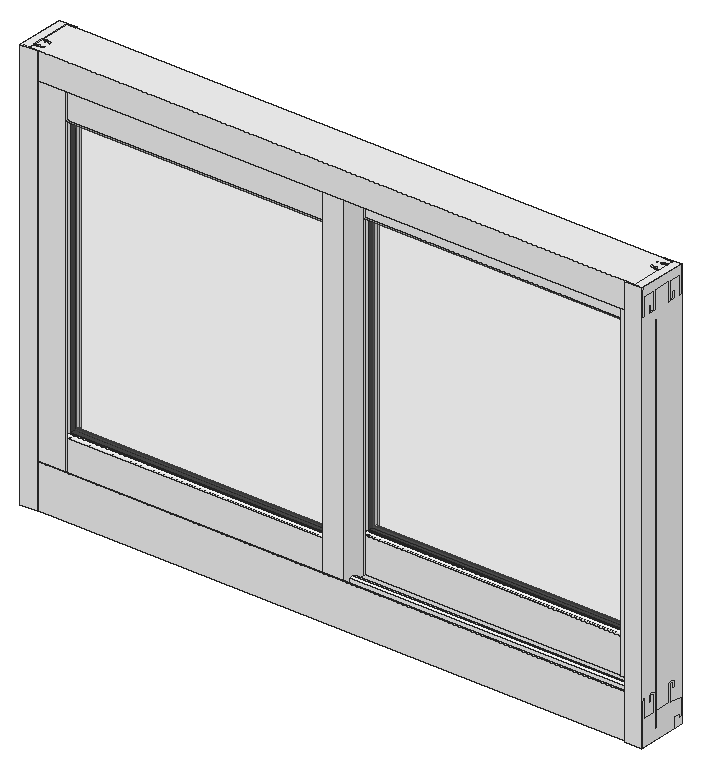
Revit family
Parameters (values of type "EHSW0906 XX")
  Height = 590 mm
  Head Height = 2125 mm
  Default Sill Height = Head Height - Height  # 1535 mm
  Wall Closure = (empty or 0)
  Width = 890 mm
Types (23, lengths in mm): name | Height | Default Sill Height | Width
  (no name) | 590 | 1535 | 890
  EHSW0906 XX | 590 | 1535 | 890
  EHSW1206 XX | 590 | 1535 | 1190
  EHSW1506 XX | 590 | 1535 | 1490
  EHSW1806 XX | 590 | 1535 | 1790
  EHSW2106 XX | 590 | 1535 | 2090
  EHSW2406 XX | 590 | 1535 | 2390
  EHSW2409 XX | 890 | 1235 | 2390
  EHSW2109 XX | 890 | 1235 | 2090
  EHSW1809 XX | 890 | 1235 | 1790
  EHSW1509 XX | 890 | 1235 | 1490
  EHSW1209 XX | 890 | 1235 | 1190
  EHSW0909 XX | 890 | 1235 | 890
  EHSW1212 XX | 1190 | 935 | 1190
  EHSW1512 XX | 1190 | 935 | 1490
  EHSW1812 XX | 1190 | 935 | 1790
  EHSW2112 XX | 1190 | 935 | 2090
  EHSW2412 XX | 1190 | 935 | 2390
  EHSW2415 XX | 1490 | 635 | 2390
  EHSW2115 XX | 1490 | 635 | 2090
  EHSW1815 XX | 1490 | 635 | 1790
  EHSW1515 XX | 1490 | 635 | 1490
  EHSW1215 XX | 1490 | 635 | 1190
Reference planes
  plane 1 "Center (Front/Back)": y = 0
  plane 2 "Center (Left/Right)": x = 0
  plane 3 "Left": x = -445
  plane 4 "Right": x = 445
  plane 5 "Sill": z = 1535
  plane 6 "Head": z = 2125
  plane 7 "Exterior": y = 115
  plane 8 "Interior": y = -115
  plane 9: y = -30.5
  plane 10: x = -150
  plane 11: z = 1830
Forms (mm)
  Sweep 1, solid, material "Default Frame"
    path origin (0, 100, 0) x (1, 0, 0) y (0, 0, 1)
      loop
        line (445, 2125) -> (-445, 2125)
    profile origin (0, 100, 2125) x (0, 0, -1) y (0, -1, 0)
      loop
        line (0, 133.5) -> (0, 66.5) -> (38, 66.5) -> (38, 68) -> (11.9, 68) -> (11.9, 85.6) -> (36.6, 85.6) -> (36.6, 79.4) -> (29, 79.4) -> (29, 78) -> (38, 78) -> (38, 87) -> (11.9, 87) -> (11.9, 113) -> (38, 113) -> (38, 122) -> (29, 122) -> (29, 120.6) -> (36.6, 120.6) -> (36.6, 114.4) -> (11.9, 114.4) -> (11.9, 132) -> (38, 132) -> (38, 133.5) -> (0, 133.5)
  Extrusion 2, solid, material "Glass"
    sketch origin (-38.22, 19, 49.421) x (-1, 0, 0) y (0, 0, -1)
      loop
        line (-45.669, -2001.17) -> (-45.669, -1585.988) -> (-429.311, -1585.988) -> (-429.311, -2001.17) -> (-45.669, -2001.17)
    from 0 to 3
  Sweep 3, solid, material "Rubber seal"
    path origin (67.649, -80.5, 5.869) x (-1, 0, 0) y (0, 0, 1)
      loop
        line (128.409, 2112.931) -> (-391.651, 2112.931) -> (-391.651, 1561.331) -> (128.409, 1561.331) -> (128.409, 2112.931)
    profile origin (199.27, -80.5, 2118.8) x (0, 0, -1) y (0, 1, 0)
      loop
        line (75.293, 102.922) -> (68.209, 102.922) -> (68.209, 99.5) -> (78.715, 99.5) -> (75.293, 102.922)
      loop
        line (78.715, 96.5) -> (68.209, 96.5) -> (68.209, 92.922) -> (76.245, 92.922) -> (78.715, 96.5)
  Sweep 4, solid, material "Default Frame"
    path origin (0, 100, 0) x (1, 0, 0) y (0, 0, 1)
      loop
        line (-445, 1535) -> (-445, 2125)
    profile origin (-445, 100, 1830) x (-1, 0, 0) y (0, -1, 0)
      loop
        line (0, 64.85) -> (0, 135.15) -> (-24.5, 135.15) -> (-24.5, 133.65) -> (-11.5, 133.65) -> (-11.5, 126) -> (-17, 126) -> (-24.5, 123.5) -> (-24.5, 122.182) -> (-18.2, 124.282) -> (-18.2, 122.25) -> (-16.936, 122.25)
        arc (-16.936, 122.25) -> (-16.581, 123.975) -> (-15, 124.75) r 2
        line (-15, 124.75) -> (-11.5, 124.75) -> (-11.5, 110.25) -> (-15, 110.25)
        arc (-15, 110.25) -> (-16.581, 111.025) -> (-16.936, 112.75) r 2
        line (-16.936, 112.75) -> (-18.2, 112.75) -> (-18.2, 110.718) -> (-24.5, 112.818) -> (-24.5, 111.5) -> (-17, 109) -> (-11.5, 109) -> (-11.5, 66.35) -> (-24.5, 66.35) -> (-24.5, 64.85) -> (0, 64.85)
  Sweep 5, solid, material "Default Frame"
    path origin (0, -100, 0) x (-1, 0, 0) y (0, 0, 1)
      loop
        line (-445, 1535) -> (-445, 2125)
    profile origin (445, -100, 1830) x (1, 0, 0) y (0, 1, 0)
      loop
        line (0, 64.85) -> (0, 135.15) -> (-24.5, 135.15) -> (-24.5, 133.65) -> (-11.5, 133.65) -> (-11.5, 126) -> (-17, 126) -> (-24.5, 123.5) -> (-24.5, 122.182) -> (-18.2, 124.282) -> (-18.2, 122.25) -> (-16.936, 122.25)
        arc (-16.936, 122.25) -> (-16.581, 123.975) -> (-15, 124.75) r 2
        line (-15, 124.75) -> (-11.5, 124.75) -> (-11.5, 110.25) -> (-15, 110.25)
        arc (-15, 110.25) -> (-16.581, 111.025) -> (-16.936, 112.75) r 2
        line (-16.936, 112.75) -> (-18.2, 112.75) -> (-18.2, 110.718) -> (-24.5, 112.818) -> (-24.5, 111.5) -> (-17, 109) -> (-11.5, 109) -> (-11.5, 66.35) -> (-24.5, 66.35) -> (-24.5, 64.85) -> (0, 64.85)
  Sweep 6, solid, material "Default Frame"
    path origin (0, 100, 0) x (1, 0, 0) y (0, 0, 1)
      loop
        line (445, 1535) -> (-445, 1535)
    profile origin (0, 100, 1535) x (0, 0, -1) y (0, -1, 0)
      loop
        line (-61.796, 113) -> (-37, 113) -> (-37, 87) -> (-61.794, 87) -> (-62.979, 82.578) -> (-61.796, 78) -> (-54, 78) -> (-54, 79.4) -> (-60.72, 79.4) -> (-61.53, 82.422) -> (-60.723, 85.6) -> (-37, 85.6) -> (-37, 80.77) -> (-35, 66.5) -> (-11.5, 66.5) -> (-11.5, 67.9) -> (-15, 67.9) -> (-15, 78.5) -> (0, 78.5) -> (0, 133.5) -> (-63, 133.5) -> (-63, 132.1) -> (-37, 132.1) -> (-37, 114.4) -> (-60.72, 114.4) -> (-61.53, 117.422) -> (-60.723, 120.6) -> (-54, 120.6) -> (-54, 122) -> (-61.794, 122) -> (-62.979, 117.578) -> (-61.796, 113)
  Sweep 7, solid, material "Default Frame"
    path origin (0, 100, 395) x (1, 0, 0) y (0, 0, 1)
      loop
        line (384.5, 1535) -> (14, 1535)
    profile origin (199.25, 100, 1930) x (0, 0, -1) y (0, -1, 0)
      loop
        line (-167, 93.928) -> (-167, 89.678) -> (-157, 89.678) -> (-157, 92.478) -> (-127.5, 92.478) -> (-127.5, 72.678) -> (-157, 72.678) -> (-157, 75.478) -> (-167, 75.478) -> (-167, 71.228) -> (-117, 71.228)
        arc (-117, 71.228) -> (-114.172, 72.399) -> (-113, 75.228) r 4
        line (-113, 75.228) -> (-113, 77.578) -> (-118.866, 77.578)
        arc (-118.866, 77.578) -> (-118.866, 76.578) -> (-118, 76.078) r 1
        line (-118, 76.078) -> (-114.596, 76.078)
        arc (-114.596, 76.078) -> (-114.918, 73.755) -> (-117, 72.678) r 2.55
        line (-117, 72.678) -> (-126.05, 72.678) -> (-126.05, 92.478) -> (-117, 92.478)
        arc (-117, 92.478) -> (-114.918, 91.4) -> (-114.596, 89.078) r 2.55
        line (-114.596, 89.078) -> (-118, 89.078)
        arc (-118, 89.078) -> (-118.866, 88.578) -> (-118.866, 87.578) r 1
        line (-118.866, 87.578) -> (-113, 87.578) -> (-113, 89.928)
        arc (-113, 89.928) -> (-114.172, 92.756) -> (-117, 93.928) r 4
        line (-117, 93.928) -> (-167, 93.928)
  Sweep 8, solid, material "Default Frame"
    path origin (-85, -100, 0) x (-1, 0, 0) y (0, 0, 1)
      loop
        line (-445, 1589) -> (-445, 2097)
    profile origin (360, -100, 1843) x (1, 0, 0) y (0, 1, 0)
      loop
        line (73.5, 130.5) -> (23.5, 130.5) -> (23.5, 129.2) -> (24.5, 129.2) -> (24.5, 122.5) -> (30.366, 122.5)
        arc (30.366, 122.5) -> (30.366, 123.5) -> (29.5, 124) r 1
        line (29.5, 124) -> (26, 124) -> (26, 129) -> (37.5, 129) -> (37.5, 106) -> (26, 106) -> (26, 111) -> (29.5, 111)
        arc (29.5, 111) -> (30.366, 111.5) -> (30.366, 112.5) r 1
        line (30.366, 112.5) -> (24.5, 112.5) -> (24.5, 105.8) -> (23.5, 105.8) -> (23.5, 104.5) -> (73.5, 104.5) -> (73.5, 108) -> (63.5, 108) -> (63.5, 106) -> (62, 106)
        arc (62, 106) -> (60.939, 106.439) -> (60.5, 107.5) r 1.5
        line (60.5, 107.5) -> (60.5, 127.5)
        arc (60.5, 127.5) -> (60.939, 128.561) -> (62, 129) r 1.5
        line (62, 129) -> (63.5, 129) -> (63.5, 127) -> (73.5, 127) -> (73.5, 130.5)
  Sweep 9, solid, material "Default Frame"
    path origin (633.5, -100, 0) x (1, 0, 0) y (0, 0, -1)
      loop
        line (-595, -1589) -> (-595, -2097)
    profile origin (38.5, -100, 1843) x (1, 0, 0) y (0, 1, 0)
      loop
        line (-53.5, 130.5) -> (-53.5, 98) -> (-35, 98)
        arc (-35, 98) -> (-34.503, 98.443) -> (-34.887, 98.987) r 0.5
        line (-34.887, 98.987) -> (-43.5, 100.99) -> (-43.5, 104.5) -> (-23.5, 104.5) -> (-23.5, 105.8) -> (-24.5, 105.8) -> (-24.5, 112.5) -> (-30.366, 112.5)
        arc (-30.366, 112.5) -> (-30.366, 111.5) -> (-29.5, 111) r 1
        line (-29.5, 111) -> (-26, 111) -> (-26, 106) -> (-37.5, 106) -> (-37.5, 129) -> (-26, 129) -> (-26, 124) -> (-29.5, 124)
        arc (-29.5, 124) -> (-30.366, 123.5) -> (-30.366, 122.5) r 1
        line (-30.366, 122.5) -> (-24.5, 122.5) -> (-24.5, 129.2) -> (-23.5, 129.2) -> (-23.5, 130.5) -> (-53.5, 130.5)
  Extrusion 10, solid, material "Glass"
    sketch origin (38.22, -19, 49.421) x (1, 0, 0) y (0, 0, -1)
      loop
        line (-45.669, -2001.17) -> (-45.669, -1585.988) -> (-429.311, -1585.988) -> (-429.311, -2001.17) -> (-45.669, -2001.17)
    from 0 to 3
  Sweep 11, solid, material "Default Frame"
    path origin (85, 100, 0) x (1, 0, 0) y (0, 0, 1)
      loop
        line (-445, 1589) -> (-445, 2097)
    profile origin (-360, 100, 1843) x (-1, 0, 0) y (0, -1, 0)
      loop
        line (73.5, 130.5) -> (23.5, 130.5) -> (23.5, 129.2) -> (24.5, 129.2) -> (24.5, 122.5) -> (30.366, 122.5)
        arc (30.366, 122.5) -> (30.366, 123.5) -> (29.5, 124) r 1
        line (29.5, 124) -> (26, 124) -> (26, 129) -> (37.5, 129) -> (37.5, 106) -> (26, 106) -> (26, 111) -> (29.5, 111)
        arc (29.5, 111) -> (30.366, 111.5) -> (30.366, 112.5) r 1
        line (30.366, 112.5) -> (24.5, 112.5) -> (24.5, 105.8) -> (23.5, 105.8) -> (23.5, 104.5) -> (73.5, 104.5) -> (73.5, 108) -> (63.5, 108) -> (63.5, 106) -> (62, 106)
        arc (62, 106) -> (60.939, 106.439) -> (60.5, 107.5) r 1.5
        line (60.5, 107.5) -> (60.5, 127.5)
        arc (60.5, 127.5) -> (60.939, 128.561) -> (62, 129) r 1.5
        line (62, 129) -> (63.5, 129) -> (63.5, 127) -> (73.5, 127) -> (73.5, 130.5)
  Sweep 12, solid, material "Default Frame"
    path origin (-633.5, 100, 0) x (-1, 0, 0) y (0, 0, -1)
      loop
        line (-595, -1589) -> (-595, -2097)
    profile origin (-38.5, 100, 1843) x (-1, 0, 0) y (0, -1, 0)
      loop
        line (-53.5, 130.5) -> (-53.5, 98) -> (-35, 98)
        arc (-35, 98) -> (-34.503, 98.443) -> (-34.887, 98.987) r 0.5
        line (-34.887, 98.987) -> (-43.5, 100.99) -> (-43.5, 104.5) -> (-23.5, 104.5) -> (-23.5, 105.8) -> (-24.5, 105.8) -> (-24.5, 112.5) -> (-30.366, 112.5)
        arc (-30.366, 112.5) -> (-30.366, 111.5) -> (-29.5, 111) r 1
        line (-29.5, 111) -> (-26, 111) -> (-26, 106) -> (-37.5, 106) -> (-37.5, 129) -> (-26, 129) -> (-26, 124) -> (-29.5, 124)
        arc (-29.5, 124) -> (-30.366, 123.5) -> (-30.366, 122.5) r 1
        line (-30.366, 122.5) -> (-24.5, 122.5) -> (-24.5, 129.2) -> (-23.5, 129.2) -> (-23.5, 130.5) -> (-53.5, 130.5)
  Sweep 13, solid, material "Default Frame"
    path origin (0, 100, 60) x (1, 0, 0) y (0, 0, 1)
      loop
        line (384.5, 1535) -> (14, 1535)
    profile origin (199.25, 100, 1595) x (0, 0, -1) y (0, -1, 0)
      loop
        arc (-44, 93.928) -> (-46.828, 92.756) -> (-48, 89.928) r 4
        line (-48, 89.928) -> (-48, 87.578) -> (-42.134, 87.578)
        arc (-42.134, 87.578) -> (-42.134, 88.578) -> (-43, 89.078) r 1
        line (-43, 89.078) -> (-46.404, 89.078)
        arc (-46.404, 89.078) -> (-46.082, 91.4) -> (-44, 92.478) r 2.55
        line (-44, 92.478) -> (-34.95, 92.478) -> (-34.95, 72.678) -> (-44, 72.678)
        arc (-44, 72.678) -> (-46.082, 73.755) -> (-46.404, 76.078) r 2.55
        line (-46.404, 76.078) -> (-43, 76.078)
        arc (-43, 76.078) -> (-42.134, 76.578) -> (-42.134, 77.578) r 1
        line (-42.134, 77.578) -> (-48, 77.578) -> (-48, 75.228)
        arc (-48, 75.228) -> (-46.828, 72.399) -> (-44, 71.228) r 4
        line (-44, 71.228) -> (6, 71.228) -> (6, 75.478) -> (-4, 75.478) -> (-4, 72.678) -> (-33.45, 72.678) -> (-33.45, 92.478) -> (-4, 92.478) -> (-4, 89.678) -> (6, 89.678) -> (6, 93.928) -> (-44, 93.928)
  Sweep 14, solid, material "Default Frame"
    path origin (0, -100, 60) x (-1, 0, 0) y (0, 0, 1)
      loop
        line (384.5, 1535) -> (14, 1535)
    profile origin (-199.25, -100, 1595) x (0, 0, -1) y (0, 1, 0)
      loop
        arc (-44, 93.928) -> (-46.828, 92.756) -> (-48, 89.928) r 4
        line (-48, 89.928) -> (-48, 87.578) -> (-42.134, 87.578)
        arc (-42.134, 87.578) -> (-42.134, 88.578) -> (-43, 89.078) r 1
        line (-43, 89.078) -> (-46.404, 89.078)
        arc (-46.404, 89.078) -> (-46.082, 91.4) -> (-44, 92.478) r 2.55
        line (-44, 92.478) -> (-34.95, 92.478) -> (-34.95, 72.678) -> (-44, 72.678)
        arc (-44, 72.678) -> (-46.082, 73.755) -> (-46.404, 76.078) r 2.55
        line (-46.404, 76.078) -> (-43, 76.078)
        arc (-43, 76.078) -> (-42.134, 76.578) -> (-42.134, 77.578) r 1
        line (-42.134, 77.578) -> (-48, 77.578) -> (-48, 75.228)
        arc (-48, 75.228) -> (-46.828, 72.399) -> (-44, 71.228) r 4
        line (-44, 71.228) -> (6, 71.228) -> (6, 75.478) -> (-4, 75.478) -> (-4, 72.678) -> (-33.45, 72.678) -> (-33.45, 92.478) -> (-4, 92.478) -> (-4, 89.678) -> (6, 89.678) -> (6, 93.928) -> (-44, 93.928)
  Sweep 15, solid, material "Default Frame"
    path origin (0, -100, 395) x (-1, 0, 0) y (0, 0, 1)
      loop
        line (384.5, 1535) -> (14, 1535)
    profile origin (-199.25, -100, 1930) x (0, 0, -1) y (0, 1, 0)
      loop
        line (-167, 93.928) -> (-167, 89.678) -> (-157, 89.678) -> (-157, 92.478) -> (-127.5, 92.478) -> (-127.5, 72.678) -> (-157, 72.678) -> (-157, 75.478) -> (-167, 75.478) -> (-167, 71.228) -> (-117, 71.228)
        arc (-117, 71.228) -> (-114.172, 72.399) -> (-113, 75.228) r 4
        line (-113, 75.228) -> (-113, 77.578) -> (-118.866, 77.578)
        arc (-118.866, 77.578) -> (-118.866, 76.578) -> (-118, 76.078) r 1
        line (-118, 76.078) -> (-114.596, 76.078)
        arc (-114.596, 76.078) -> (-114.918, 73.755) -> (-117, 72.678) r 2.55
        line (-117, 72.678) -> (-126.05, 72.678) -> (-126.05, 92.478) -> (-117, 92.478)
        arc (-117, 92.478) -> (-114.918, 91.4) -> (-114.596, 89.078) r 2.55
        line (-114.596, 89.078) -> (-118, 89.078)
        arc (-118, 89.078) -> (-118.866, 88.578) -> (-118.866, 87.578) r 1
        line (-118.866, 87.578) -> (-113, 87.578) -> (-113, 89.928)
        arc (-113, 89.928) -> (-114.172, 92.756) -> (-117, 93.928) r 4
        line (-117, 93.928) -> (-167, 93.928)
  Sweep 16, solid, material "Rubber seal"
    path origin (-67.649, 80.5, 5.869) x (1, 0, 0) y (0, 0, 1)
      loop
        line (128.409, 2112.931) -> (-391.651, 2112.931) -> (-391.651, 1561.331) -> (128.409, 1561.331) -> (128.409, 2112.931)
    profile origin (-199.27, 80.5, 2118.8) x (0, 0, -1) y (0, -1, 0)
      loop
        line (75.293, 102.922) -> (68.209, 102.922) -> (68.209, 99.5) -> (78.715, 99.5) -> (75.293, 102.922)
      loop
        line (78.715, 96.5) -> (68.209, 96.5) -> (68.209, 92.922) -> (76.245, 92.922) -> (78.715, 96.5)
Lines and regions (mm)
  Opening 1
    outline origin (3500, -115, 0) x (1, 0, 0) y (0, 0, 1)
      loop
        line (-3055, 1535) -> (-3055, 2125) -> (-3945, 2125) -> (-3945, 1535) -> (-3055, 1535)
Text (mm)
  text "EXTERIOR" at (-1963.203, 1332.353, 0), in view "Ref. Level"
  text "INTERIOR" at (-1981.466, -818.386, 0), in view "Ref. Level"
  text "Exterior" at (0, 923.751, 2943.296), in view "Right"
  text "Exterior" at (0, 1040.484, 2685.409), in view "Left"
Dimensions and locks
  equal spacing: plane 3 "Left", plane 2 "Center (Left/Right)", plane 4 "Right"
  "Width": plane 3 "Left" to plane 4 "Right"
  "Height": plane 5 "Sill" to plane 6 "Head"
  "Default Sill Height": plane 5 "Sill" to level
  locked: plane 7 "Exterior" to host wall at 0
  locked: plane 8 "Interior" to host wall
  locked: plane 10 to plane 4 "Right" at 595
  locked: Sweep 7 to Sweep 3 sketch curve at 75.8
  locked: Sweep 8 to Sweep 3 sketch curve at 75.8
  locked: Sweep 9 to Sweep 3 sketch curve at 75.76
  equal spacing: plane 3 "Left", nested 1, plane 2 "Center (Left/Right)"
  equal spacing: plane 2 "Center (Left/Right)", nested 2, plane 4 "Right"
  equal spacing: plane 5 "Sill", plane 11, plane 6 "Head"
  equal spacing: plane 2 "Center (Left/Right)", nested 3, plane 4 "Right"
  equal spacing: plane 3 "Left", nested 4, plane 2 "Center (Left/Right)"
  aligned and locked: plane 11 to nested 3
  aligned and locked: nested 4 to plane 11
Automatic sketch dimensions
  Opening 1 sketch curve to plane 3 "Left" = 0 mm
  Opening 1 sketch curve to plane 4 "Right" = 0 mm
  Opening 1 sketch curve to plane 5 "Sill" = 0 mm
  Opening 1 sketch curve to plane 6 "Head" = 0 mm
  Sweep 1 sketch curve to plane 3 "Left" = 0 mm
  Sweep 1 sketch curve to plane 4 "Right" = 0 mm
  Sweep 1 sketch curve to plane 6 "Head" = 0 mm
  Sweep 1 sketch curve to profile plane = 0 mm
  Sweep 1 sketch curve to profile plane = 11.9 mm  (x2)
  Sweep 1 sketch curve to Sweep 1 sketch curve = 0 mm  (x3)
  Sweep 1 sketch curve to Sweep 1 sketch curve = 17.1 mm  (x2)
  Sweep 1 sketch curve to Sweep 1 sketch curve = 7.6 mm  (x2)
  Sweep 1 sketch curve to Sweep 1 sketch curve = 1.4 mm  (x6)
  profile plane to Sweep 1 sketch curve = 66.5 mm
  Sweep 1 sketch curve to Sweep 1 sketch curve = 1.5 mm  (x2)
  Sweep 1 sketch curve to Sweep 1 sketch curve = 10 mm  (x2)
  Sweep 1 sketch curve to Sweep 1 sketch curve = 6.2 mm  (x2)
  Sweep 1 sketch curve to Sweep 1 sketch curve = 26 mm
  plane 4 "Right" to Extrusion 2 sketch curve = 53.909 mm
  Extrusion 2 sketch curve to plane 2 "Center (Left/Right)" = 7.448 mm
  plane 6 "Head" to Extrusion 2 sketch curve = 74.409 mm
  Extrusion 2 sketch curve to plane 5 "Sill" = 100.409 mm
  Sweep 3 sketch curve to plane 5 "Sill" = 32.2 mm
  Sweep 3 sketch curve to profile plane = 68.209 mm
  Sweep 3 sketch curve to Sweep 3 sketch curve = 0 mm  (x2)
  Sweep 3 sketch curve to Sweep 3 sketch curve = 7.084 mm
  Sweep 3 sketch curve to Sweep 3 sketch curve = 8.036 mm
  Sweep 3 sketch curve to Sweep 3 sketch curve = 3.422 mm  (x2)
  profile plane to Sweep 3 sketch curve = 92.922 mm
  Sweep 3 sketch curve to Sweep 3 sketch curve = 3.578 mm
  Sweep 3 sketch curve to Sweep 3 sketch curve = 3 mm
  Sweep 4 sketch curve to plane 3 "Left" = 0 mm
  Sweep 4 sketch curve to plane 5 "Sill" = 0 mm
  Sweep 4 sketch curve to plane 6 "Head" = 0 mm
  Sweep 4 sketch curve to profile plane = 0 mm
  profile plane to Sweep 4 sketch curve = 11.5 mm  (x2)
  Sweep 4 sketch curve to Sweep 4 sketch curve = 0 mm  (x2)
  Sweep 4 sketch curve to Sweep 4 sketch curve = 3.5 mm  (x2)
  Sweep 4 sketch curve to Sweep 4 sketch curve = 1.936 mm  (x2)
  Sweep 4 sketch curve to Sweep 4 sketch curve = 2 mm  (x3)
  Sweep 4 sketch curve to Sweep 4 sketch curve = 1.264 mm
  Sweep 4 sketch curve to Sweep 4 sketch curve = 1.2 mm
  Sweep 4 sketch curve to Sweep 4 sketch curve = 6.3 mm  (x2)
  Sweep 4 sketch curve to Sweep 4 sketch curve = 13 mm
  profile plane to Sweep 4 sketch curve = 64.85 mm
  Sweep 4 sketch curve to Sweep 4 sketch curve = 1.5 mm  (x2)
  Sweep 4 sketch curve to Sweep 4 sketch curve = 42.65 mm
  Sweep 4 sketch curve to Sweep 4 sketch curve = 1.25 mm  (x2)
  Sweep 4 sketch curve to Sweep 4 sketch curve = 1.718 mm
  Sweep 4 sketch curve to Sweep 4 sketch curve = 0.782 mm
  Sweep 4 sketch curve to Sweep 4 sketch curve = 1.318 mm  (x2)
  Sweep 4 sketch curve to Sweep 4 sketch curve = 9.365 mm
  Sweep 4 sketch curve to Sweep 4 sketch curve = 0.068 mm
  Sweep 4 sketch curve to Sweep 4 sketch curve = 0.5 mm
  Sweep 4 sketch curve to Sweep 4 sketch curve = 2.032 mm
  Sweep 4 sketch curve to Sweep 4 sketch curve = 10.15 mm
  Sweep 5 sketch curve to plane 4 "Right" = 0 mm
  Sweep 5 sketch curve to plane 5 "Sill" = 0 mm
  Sweep 5 sketch curve to plane 6 "Head" = 0 mm
  Sweep 5 sketch curve to profile plane = 0 mm
  profile plane to Sweep 5 sketch curve = 11.5 mm  (x2)
  Sweep 5 sketch curve to Sweep 5 sketch curve = 0 mm  (x2)
  Sweep 5 sketch curve to Sweep 5 sketch curve = 3.5 mm  (x2)
  Sweep 5 sketch curve to Sweep 5 sketch curve = 1.936 mm  (x2)
  Sweep 5 sketch curve to Sweep 5 sketch curve = 2 mm  (x3)
  Sweep 5 sketch curve to Sweep 5 sketch curve = 1.264 mm
  Sweep 5 sketch curve to Sweep 5 sketch curve = 1.2 mm
  Sweep 5 sketch curve to Sweep 5 sketch curve = 6.3 mm  (x2)
  Sweep 5 sketch curve to Sweep 5 sketch curve = 13 mm
  profile plane to Sweep 5 sketch curve = 64.85 mm
  Sweep 5 sketch curve to Sweep 5 sketch curve = 1.5 mm  (x2)
  Sweep 5 sketch curve to Sweep 5 sketch curve = 42.65 mm
  Sweep 5 sketch curve to Sweep 5 sketch curve = 1.25 mm  (x2)
  Sweep 5 sketch curve to Sweep 5 sketch curve = 1.718 mm
  Sweep 5 sketch curve to Sweep 5 sketch curve = 0.782 mm
  Sweep 5 sketch curve to Sweep 5 sketch curve = 1.318 mm  (x2)
  Sweep 5 sketch curve to Sweep 5 sketch curve = 9.365 mm
  Sweep 5 sketch curve to Sweep 5 sketch curve = 0.068 mm
  Sweep 5 sketch curve to Sweep 5 sketch curve = 0.5 mm
  Sweep 5 sketch curve to Sweep 5 sketch curve = 2.032 mm
  Sweep 5 sketch curve to Sweep 5 sketch curve = 10.15 mm
  Sweep 6 sketch curve to plane 3 "Left" = 0 mm
  Sweep 6 sketch curve to plane 4 "Right" = 0 mm
  Sweep 6 sketch curve to plane 5 "Sill" = 0 mm
  Sweep 6 sketch curve to profile plane = 0 mm
  profile plane to Sweep 6 sketch curve = 11.5 mm
  Sweep 6 sketch curve to Sweep 6 sketch curve = 3.5 mm
  Sweep 6 sketch curve to Sweep 6 sketch curve = 20 mm
  profile plane to Sweep 6 sketch curve = 37 mm
  Sweep 6 sketch curve to Sweep 6 sketch curve = 0 mm  (x2)
  Sweep 6 sketch curve to Sweep 6 sketch curve = 17 mm  (x2)
  Sweep 6 sketch curve to Sweep 6 sketch curve = 6.72 mm  (x2)
  Sweep 6 sketch curve to Sweep 6 sketch curve = 0.003 mm  (x2)
  Sweep 6 sketch curve to Sweep 6 sketch curve = 0.81 mm  (x2)
  Sweep 6 sketch curve to Sweep 6 sketch curve = 1.071 mm  (x2)
  Sweep 6 sketch curve to Sweep 6 sketch curve = 1.076 mm  (x2)
  Sweep 6 sketch curve to Sweep 6 sketch curve = 1.449 mm  (x2)
  Sweep 6 sketch curve to Sweep 6 sketch curve = 1.206 mm
  profile plane to Sweep 6 sketch curve = 66.5 mm
  Sweep 6 sketch curve to Sweep 6 sketch curve = 1.4 mm  (x6)
  Sweep 6 sketch curve to Sweep 6 sketch curve = 11.5 mm
  Sweep 6 sketch curve to Sweep 6 sketch curve = 10.6 mm
  Sweep 6 sketch curve to Sweep 6 sketch curve = 14.27 mm
  Sweep 6 sketch curve to Sweep 6 sketch curve = 3.022 mm  (x2)
  Sweep 6 sketch curve to Sweep 6 sketch curve = 0.155 mm  (x2)
  Sweep 6 sketch curve to Sweep 6 sketch curve = 3.178 mm  (x2)
  Sweep 6 sketch curve to Sweep 6 sketch curve = 26 mm
  Sweep 6 sketch curve to Sweep 6 sketch curve = 17.7 mm
  Sweep 7 sketch curve to plane 2 "Center (Left/Right)" = 14 mm
  plane 4 "Right" to Sweep 7 sketch curve = 60.5 mm
  plane 6 "Head" to Sweep 7 sketch curve = 195 mm
  Sweep 7 sketch curve to Sweep 7 sketch curve = 0 mm  (x5)
  profile plane to Sweep 7 sketch curve = 167 mm
  Sweep 7 sketch curve to Sweep 7 sketch curve = 10 mm  (x3)
  Sweep 7 sketch curve to Sweep 7 sketch curve = 29.5 mm
  Sweep 7 sketch curve to Sweep 7 sketch curve = 1.45 mm  (x3)
  Sweep 7 sketch curve to Sweep 7 sketch curve = 7.184 mm  (x2)
  Sweep 7 sketch curve to Sweep 7 sketch curve = 0.866 mm  (x2)
  Sweep 7 sketch curve to Sweep 7 sketch curve = 1 mm  (x3)
  Sweep 7 sketch curve to Sweep 7 sketch curve = 2.404 mm  (x2)
  Sweep 7 sketch curve to Sweep 7 sketch curve = 1.596 mm  (x2)
  profile plane to Sweep 7 sketch curve = 71.228 mm
  Sweep 7 sketch curve to Sweep 7 sketch curve = 4.25 mm
  Sweep 7 sketch curve to Sweep 7 sketch curve = 0.5 mm
  Sweep 7 sketch curve to Sweep 7 sketch curve = 14.2 mm
  Sweep 7 sketch curve to Sweep 7 sketch curve = 0.85 mm
  Sweep 7 sketch curve to Sweep 7 sketch curve = 2.8 mm
  plane 6 "Head" to Sweep 8 sketch curve = 28 mm
  plane 4 "Right" to Sweep 8 sketch curve = 85 mm
  Sweep 8 sketch curve to plane 5 "Sill" = 54 mm
  Sweep 8 sketch curve to profile plane = 23.5 mm  (x2)
  Sweep 8 sketch curve to Sweep 8 sketch curve = 1 mm  (x3)
  Sweep 8 sketch curve to Sweep 8 sketch curve = 1.5 mm  (x7)
  Sweep 8 sketch curve to Sweep 8 sketch curve = 3.5 mm  (x3)
  Sweep 8 sketch curve to Sweep 8 sketch curve = 0.866 mm  (x2)
  Sweep 8 sketch curve to Sweep 8 sketch curve = 8 mm
  Sweep 8 sketch curve to Sweep 8 sketch curve = 23 mm
  Sweep 8 sketch curve to Sweep 8 sketch curve = 10 mm  (x3)
  profile plane to Sweep 8 sketch curve = 104.5 mm
  Sweep 8 sketch curve to Sweep 8 sketch curve = 1.3 mm
  Sweep 8 sketch curve to Sweep 8 sketch curve = 0.2 mm  (x2)
  Sweep 8 sketch curve to Sweep 8 sketch curve = 0.5 mm  (x3)
  Sweep 8 sketch curve to Sweep 8 sketch curve = 5 mm  (x2)
  Sweep 8 sketch curve to Sweep 8 sketch curve = 19 mm
  Sweep 9 sketch curve to plane 2 "Center (Left/Right)" = 38.5 mm
  plane 6 "Head" to Sweep 9 sketch curve = 28 mm
  Sweep 9 sketch curve to plane 5 "Sill" = 54 mm
  profile plane to Sweep 9 sketch curve = 53.5 mm
  Sweep 9 sketch curve to Sweep 9 sketch curve = 10 mm  (x2)
  Sweep 9 sketch curve to Sweep 9 sketch curve = 6 mm
  Sweep 9 sketch curve to Sweep 9 sketch curve = 2.5 mm
  Sweep 9 sketch curve to Sweep 9 sketch curve = 0.113 mm
  Sweep 9 sketch curve to Sweep 9 sketch curve = 7.134 mm  (x2)
  Sweep 9 sketch curve to Sweep 9 sketch curve = 0.866 mm  (x2)
  Sweep 9 sketch curve to Sweep 9 sketch curve = 3.5 mm  (x2)
  Sweep 9 sketch curve to Sweep 9 sketch curve = 1.5 mm  (x2)
  Sweep 9 sketch curve to Sweep 9 sketch curve = 1 mm  (x3)
  profile plane to Sweep 9 sketch curve = 98 mm
  Sweep 9 sketch curve to Sweep 9 sketch curve = 0.5 mm  (x2)
  Sweep 9 sketch curve to Sweep 9 sketch curve = 2.003 mm
  Sweep 9 sketch curve to Sweep 9 sketch curve = 5.513 mm
  Sweep 9 sketch curve to Sweep 9 sketch curve = 1.3 mm  (x2)
  Sweep 9 sketch curve to Sweep 9 sketch curve = 0.2 mm  (x2)
  Sweep 9 sketch curve to Sweep 9 sketch curve = 5 mm  (x2)
  Extrusion 10 sketch curve to plane 3 "Left" = 53.909 mm
  plane 2 "Center (Left/Right)" to Extrusion 10 sketch curve = 7.448 mm
  plane 6 "Head" to Extrusion 10 sketch curve = 74.409 mm
  Extrusion 10 sketch curve to plane 5 "Sill" = 100.409 mm
  plane 6 "Head" to Sweep 11 sketch curve = 28 mm
  Sweep 11 sketch curve to plane 3 "Left" = 85 mm
  Sweep 11 sketch curve to plane 5 "Sill" = 54 mm
  Sweep 11 sketch curve to profile plane = 23.5 mm  (x2)
  Sweep 11 sketch curve to Sweep 11 sketch curve = 1 mm  (x3)
  Sweep 11 sketch curve to Sweep 11 sketch curve = 1.5 mm  (x7)
  Sweep 11 sketch curve to Sweep 11 sketch curve = 3.5 mm  (x3)
  Sweep 11 sketch curve to Sweep 11 sketch curve = 0.866 mm  (x2)
  Sweep 11 sketch curve to Sweep 11 sketch curve = 8 mm
  Sweep 11 sketch curve to Sweep 11 sketch curve = 23 mm
  Sweep 11 sketch curve to Sweep 11 sketch curve = 10 mm  (x3)
  profile plane to Sweep 11 sketch curve = 104.5 mm
  Sweep 11 sketch curve to Sweep 11 sketch curve = 1.3 mm
  Sweep 11 sketch curve to Sweep 11 sketch curve = 0.2 mm  (x2)
  Sweep 11 sketch curve to Sweep 11 sketch curve = 0.5 mm  (x3)
  Sweep 11 sketch curve to Sweep 11 sketch curve = 5 mm  (x2)
  Sweep 11 sketch curve to Sweep 11 sketch curve = 19 mm
  plane 2 "Center (Left/Right)" to Sweep 12 sketch curve = 38.5 mm
  plane 6 "Head" to Sweep 12 sketch curve = 28 mm
  Sweep 12 sketch curve to plane 5 "Sill" = 54 mm
  profile plane to Sweep 12 sketch curve = 53.5 mm
  Sweep 12 sketch curve to Sweep 12 sketch curve = 10 mm  (x2)
  Sweep 12 sketch curve to Sweep 12 sketch curve = 6 mm
  Sweep 12 sketch curve to Sweep 12 sketch curve = 2.5 mm
  Sweep 12 sketch curve to Sweep 12 sketch curve = 0.113 mm
  Sweep 12 sketch curve to Sweep 12 sketch curve = 7.134 mm  (x2)
  Sweep 12 sketch curve to Sweep 12 sketch curve = 0.866 mm  (x2)
  Sweep 12 sketch curve to Sweep 12 sketch curve = 3.5 mm  (x2)
  Sweep 12 sketch curve to Sweep 12 sketch curve = 1.5 mm  (x2)
  Sweep 12 sketch curve to Sweep 12 sketch curve = 1 mm  (x3)
  profile plane to Sweep 12 sketch curve = 98 mm
  Sweep 12 sketch curve to Sweep 12 sketch curve = 0.5 mm  (x2)
  Sweep 12 sketch curve to Sweep 12 sketch curve = 2.003 mm
  Sweep 12 sketch curve to Sweep 12 sketch curve = 5.513 mm
  Sweep 12 sketch curve to Sweep 12 sketch curve = 1.3 mm  (x2)
  Sweep 12 sketch curve to Sweep 12 sketch curve = 0.2 mm  (x2)
  Sweep 12 sketch curve to Sweep 12 sketch curve = 5 mm  (x2)
  Sweep 13 sketch curve to plane 2 "Center (Left/Right)" = 14 mm
  plane 4 "Right" to Sweep 13 sketch curve = 60.5 mm
  Sweep 13 sketch curve to plane 5 "Sill" = 60 mm
  Sweep 13 sketch curve to Sweep 13 sketch curve = 0 mm  (x6)
  profile plane to Sweep 13 sketch curve = 48 mm
  Sweep 13 sketch curve to Sweep 13 sketch curve = 1.596 mm  (x2)
  Sweep 13 sketch curve to Sweep 13 sketch curve = 2.404 mm  (x2)
  Sweep 13 sketch curve to Sweep 13 sketch curve = 1 mm  (x3)
  Sweep 13 sketch curve to Sweep 13 sketch curve = 0.866 mm  (x2)
  Sweep 13 sketch curve to Sweep 13 sketch curve = 7.184 mm
  Sweep 13 sketch curve to Sweep 13 sketch curve = 1.5 mm
  profile plane to Sweep 13 sketch curve = 4 mm  (x2)
  Sweep 13 sketch curve to profile plane = 6 mm  (x2)
  profile plane to Sweep 13 sketch curve = 71.228 mm
  Sweep 13 sketch curve to Sweep 13 sketch curve = 1.45 mm  (x2)
  Sweep 13 sketch curve to Sweep 13 sketch curve = 4.25 mm
  Sweep 13 sketch curve to Sweep 13 sketch curve = 10 mm
  Sweep 13 sketch curve to Sweep 13 sketch curve = 0.5 mm
  Sweep 13 sketch curve to Sweep 13 sketch curve = 14.2 mm
  Sweep 13 sketch curve to Sweep 13 sketch curve = 0.85 mm
  plane 2 "Center (Left/Right)" to Sweep 14 sketch curve = 14 mm
  Sweep 14 sketch curve to plane 3 "Left" = 60.5 mm
  Sweep 14 sketch curve to plane 5 "Sill" = 60 mm
  Sweep 14 sketch curve to Sweep 14 sketch curve = 0 mm  (x6)
  profile plane to Sweep 14 sketch curve = 48 mm
  Sweep 14 sketch curve to Sweep 14 sketch curve = 1.596 mm  (x2)
  Sweep 14 sketch curve to Sweep 14 sketch curve = 2.404 mm  (x2)
  Sweep 14 sketch curve to Sweep 14 sketch curve = 1 mm  (x3)
  Sweep 14 sketch curve to Sweep 14 sketch curve = 0.866 mm  (x2)
  Sweep 14 sketch curve to Sweep 14 sketch curve = 7.184 mm
  Sweep 14 sketch curve to Sweep 14 sketch curve = 1.5 mm
  profile plane to Sweep 14 sketch curve = 4 mm  (x2)
  Sweep 14 sketch curve to profile plane = 6 mm  (x2)
  profile plane to Sweep 14 sketch curve = 71.228 mm
  Sweep 14 sketch curve to Sweep 14 sketch curve = 1.45 mm  (x2)
  Sweep 14 sketch curve to Sweep 14 sketch curve = 4.25 mm
  Sweep 14 sketch curve to Sweep 14 sketch curve = 10 mm
  Sweep 14 sketch curve to Sweep 14 sketch curve = 0.5 mm
  Sweep 14 sketch curve to Sweep 14 sketch curve = 14.2 mm
  Sweep 14 sketch curve to Sweep 14 sketch curve = 0.85 mm
  plane 2 "Center (Left/Right)" to Sweep 15 sketch curve = 14 mm
  Sweep 15 sketch curve to plane 3 "Left" = 60.5 mm
  plane 6 "Head" to Sweep 15 sketch curve = 195 mm
  Sweep 15 sketch curve to Sweep 15 sketch curve = 0 mm  (x5)
  profile plane to Sweep 15 sketch curve = 167 mm
  Sweep 15 sketch curve to Sweep 15 sketch curve = 10 mm  (x3)
  Sweep 15 sketch curve to Sweep 15 sketch curve = 29.5 mm
  Sweep 15 sketch curve to Sweep 15 sketch curve = 1.45 mm  (x3)
  Sweep 15 sketch curve to Sweep 15 sketch curve = 7.184 mm  (x2)
  Sweep 15 sketch curve to Sweep 15 sketch curve = 0.866 mm  (x2)
  Sweep 15 sketch curve to Sweep 15 sketch curve = 1 mm  (x3)
  Sweep 15 sketch curve to Sweep 15 sketch curve = 2.404 mm  (x2)
  Sweep 15 sketch curve to Sweep 15 sketch curve = 1.596 mm  (x2)
  profile plane to Sweep 15 sketch curve = 71.228 mm
  Sweep 15 sketch curve to Sweep 15 sketch curve = 4.25 mm
  Sweep 15 sketch curve to Sweep 15 sketch curve = 0.5 mm
  Sweep 15 sketch curve to Sweep 15 sketch curve = 14.2 mm
  Sweep 15 sketch curve to Sweep 15 sketch curve = 0.85 mm
  Sweep 15 sketch curve to Sweep 15 sketch curve = 2.8 mm
  plane 6 "Head" to Sweep 16 sketch curve = 6.2 mm
  plane 3 "Left" to Sweep 16 sketch curve = 14.3 mm
  Sweep 16 sketch curve to plane 2 "Center (Left/Right)" = 60.76 mm
  Sweep 16 sketch curve to plane 5 "Sill" = 32.2 mm
  Sweep 16 sketch curve to profile plane = 68.209 mm
  Sweep 16 sketch curve to Sweep 16 sketch curve = 0 mm  (x2)
  Sweep 16 sketch curve to Sweep 16 sketch curve = 7.084 mm
  Sweep 16 sketch curve to Sweep 16 sketch curve = 8.036 mm
  Sweep 16 sketch curve to Sweep 16 sketch curve = 3.422 mm  (x2)
  profile plane to Sweep 16 sketch curve = 92.922 mm
  Sweep 16 sketch curve to Sweep 16 sketch curve = 3.578 mm
  Sweep 16 sketch curve to Sweep 16 sketch curve = 3 mm
Nested families
  nested 1: "Arrow-Plan small" at (-222.5, 194.899, 0) x (-1, 0, 0) z (0, 0, 1), type "Arrow-Plan small"
  nested 2: "Arrow-Plan small" at (222.5, 194.899, 0), type "Arrow-Plan small"
  nested 3: "Arrow-Plan small" at (222.5, 115, 1830) x (1, 0, 0) z (0, -1, 0), type "Arrow-Plan small"
  nested 4: "Arrow-Plan small" at (-222.5, 115, 1830) x (-1, 0, 0) z (0, -1, 0), type "Arrow-Plan small"
Definition of nested family "Arrow-Plan small"
  Parameters (values of type "Arrow-Plan small")
    Assembly Code = ""
  Reference planes
    plane 1 "Center F/B": y = 0
    plane 2: z = 0
    plane 3 "Center L/R": x = 0
  Lines and regions (mm)
    detail lines, style "Light Lines", in view "Ref. Level"
      curve 1: line (150, 0, 0) -> (-150, 0, 0)
    detail lines, in view "Ref. Level"
      curve 2: line (-150, 0, 0) -> (-80.718, 40, 0)
      curve 3: line (-150, 0, 0) -> (-80.718, -40, 0)
